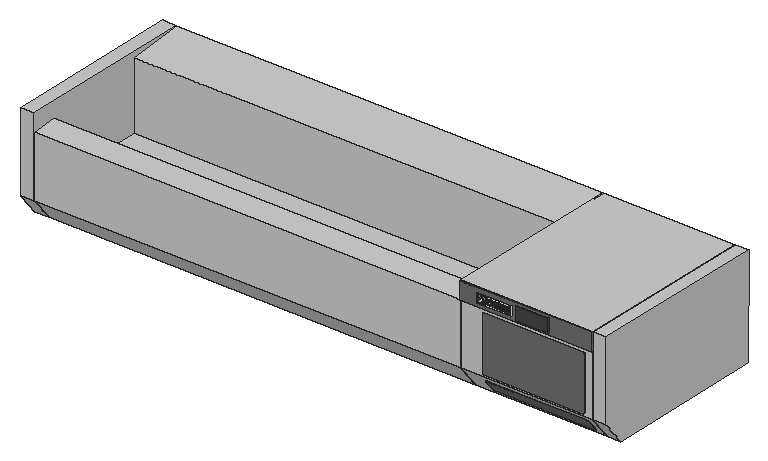
Revit family "Qf_Afinox_VRS1300S", category Specialty Equipment, Revit 2014
Parameters
  Show Logo [instance] = yes
  Show Clearance [instance] = yes
Reference planes
  plane 1 "Back": y = 0
  plane 2: z = 0
  plane 3 "Left": x = 0
  plane 4 "Right": x = 1300
  plane 5 "Front": y = -395
  plane 6 "Top": z = 225
Forms (mm)
  Extrusion 1, solid
    sketch origin (200, 0, 0) x (0, 1, 0) y (0, 0, 1)
      loop
        line (0, 225) -> (-118.091, 213.424) -> (-118.091, 63.424) -> (-342.706, 63.424) -> (-342.706, 191.405) -> (-395, 186.278) -> (-395, 50) -> (-354.511, 0) -> (0, 0) -> (0, 225)
    from -170 to 778
  Extrusion 2, solid
    sketch origin (0, 0, 0) x (0, 1, 0) y (0, 0, 1)
      loop
        line (0, 225) -> (-395, 225) -> (-395, 50) -> (-354.511, 0) -> (0, 0) -> (0, 225)
    from 0 to 30
  Extrusion 3, solid
    sketch origin (1270, 0, 0) x (0, 1, 0) y (0, 0, 1)
      loop
        line (0, 225) -> (-395, 225) -> (-395, 50) -> (-354.511, 0) -> (0, 0) -> (0, 225)
    from 0 to 30
  Extrusion 4, solid
    sketch origin (1240, 0, 0) x (0, 1, 0) y (0, 0, 1)
      loop
        line (0, 225) -> (-395, 225) -> (-395, 50) -> (-354.511, 0) -> (0, 0) -> (0, 225)
    from -262 to 30
  Extrusion 5, solid
    sketch origin (200, -394, -0.038) x (1, 0, 0) y (0, 0, 1)
      loop
        arc (829.65, 178.011) -> (827.352, 177.059) -> (826.4, 174.761) r 3.25
        line (826.4, 174.761) -> (826.4, 59.261)
        arc (826.4, 59.261) -> (827.352, 56.963) -> (829.65, 56.011) r 3.25
        line (829.65, 56.011) -> (1050.15, 56.011)
        arc (1050.15, 56.011) -> (1052.448, 56.963) -> (1053.4, 59.261) r 3.25
        line (1053.4, 59.261) -> (1053.4, 174.761)
        arc (1053.4, 174.761) -> (1052.448, 177.059) -> (1050.15, 178.011) r 3.25
        line (1050.15, 178.011) -> (829.65, 178.011)
    from 0 to 2
  Extrusion 6, solid
    sketch origin (200, -273.564, -98.372) x (1, 0, 0) y (0, -0.62932, 0.777146)
      loop
        arc (829.65, 178.011) -> (827.352, 177.059) -> (826.4, 174.761) r 3.25
        line (826.4, 174.761) -> (826.4, 141.843)
        arc (826.4, 141.843) -> (827.352, 139.544) -> (829.65, 138.593) r 3.25
        line (829.65, 138.593) -> (1050.15, 138.593)
        arc (1050.15, 138.593) -> (1052.448, 139.544) -> (1053.4, 141.843) r 3.25
        line (1053.4, 141.843) -> (1053.4, 174.761)
        arc (1053.4, 174.761) -> (1052.448, 177.059) -> (1050.15, 178.011) r 3.25
        line (1050.15, 178.011) -> (829.65, 178.011)
    from 0 to 2
  Extrusion 7, solid
    sketch origin (192.335, -397, -1.215) x (1, 0, 0) y (0, 0, 1)
      loop
        line (912.065, 221.354) -> (912.065, 192.354) -> (983.065, 192.354) -> (983.065, 221.354) -> (912.065, 221.354)
    from 0 to 3
  Extrusion 8, solid, visible <- "Show Logo"
    sketch origin (837.556, -397, -384.108) x (1, 0, 0) y (0, 0, 1)
      loop
        line (179.287, 599.596) -> (179.287, 579.899) -> (254.287, 579.899) -> (254.287, 599.596) -> (179.287, 599.596)
      loop
        line (199.226, 597.323) -> (199.226, 582.172) -> (253.014, 582.172) -> (253.014, 597.323) -> (199.226, 597.323)
      loop
        line (180.287, 597.323) -> (180.287, 582.172) -> (198.848, 582.172) -> (198.848, 597.323) -> (180.287, 597.323)
    from 0 to 2
  Extrusion 9, solid, visible <- "Show Logo"
    sketch origin (44.53, -397, -622.718) x (1, 0, 0) y (0, 0, 1)
      loop
        arc (994.034, 825.04) -> (994.842, 823.416) -> (996.479, 824.198) r 1.293
        line (996.479, 824.198) -> (996.958, 825.22) -> (1000.192, 825.22) -> (1000.6, 824.198)
        arc (1000.6, 824.198) -> (1002.252, 823.366) -> (1003.039, 825.04) r 1.291
        line (1003.039, 825.04) -> (999.801, 832.415)
        arc (999.801, 832.415) -> (998.57, 833.402) -> (997.337, 832.418) r 1.263
        line (997.337, 832.418) -> (994.034, 825.04)
      loop
        line (999.576, 827.427) -> (998.603, 829.738) -> (997.631, 827.445) -> (999.576, 827.427)
      loop
        line (1004.344, 832.421) -> (1004.344, 824.556)
        arc (1004.344, 824.556) -> (1005.631, 823.448) -> (1006.918, 824.556) r 1.302
        line (1006.918, 824.556) -> (1006.918, 827.178) -> (1010.126, 827.178)
        arc (1010.126, 827.178) -> (1011.3, 828.493) -> (1010.126, 829.808) r 1.323
        line (1010.126, 829.808) -> (1006.918, 829.808) -> (1006.918, 830.954) -> (1010.126, 830.954)
        arc (1010.126, 830.954) -> (1011.264, 832.233) -> (1010.126, 833.511) r 1.287
        line (1010.126, 833.511) -> (1005.326, 833.511)
        arc (1005.326, 833.511) -> (1004.652, 833.13) -> (1004.344, 832.421) r 1.22
      loop
        line (1012.593, 832.457) -> (1012.593, 824.488)
        arc (1012.593, 824.488) -> (1013.928, 823.343) -> (1015.262, 824.488) r 1.35
        line (1015.262, 824.488) -> (1015.262, 832.457)
        arc (1015.262, 832.457) -> (1013.928, 833.516) -> (1012.593, 832.457) r 1.37
      loop
        arc (1019.372, 832.457) -> (1018.038, 833.516) -> (1016.703, 832.457) r 1.37
        line (1016.703, 832.457) -> (1016.703, 824.488)
        arc (1016.703, 824.488) -> (1018.038, 823.343) -> (1019.372, 824.488) r 1.35
        line (1019.372, 824.488) -> (1019.372, 828.473) -> (1022.448, 824.488)
        arc (1022.448, 824.488) -> (1023.783, 823.343) -> (1025.118, 824.488) r 1.35
        line (1025.118, 824.488) -> (1025.118, 832.457)
        arc (1025.118, 832.457) -> (1023.783, 833.516) -> (1022.448, 832.457) r 1.37
        line (1022.448, 832.457) -> (1022.448, 828.473) -> (1019.372, 832.457)
      loop
        circle (1031.159, 828.429) r 5.095
      loop
        circle (1031.159, 828.429) r 2.733
      loop
        line (1036.425, 831.5) -> (1038.763, 828.375) -> (1036.365, 825.267)
        arc (1036.365, 825.267) -> (1036.712, 823.621) -> (1038.393, 823.703) r 1.296
        line (1038.393, 823.703) -> (1040.42, 826.313) -> (1042.28, 823.703)
        arc (1042.28, 823.703) -> (1043.993, 823.58) -> (1044.434, 825.238) r 1.346
        line (1044.434, 825.238) -> (1042.048, 828.408) -> (1044.37, 831.408)
        arc (1044.37, 831.408) -> (1044.07, 833.196) -> (1042.269, 832.987) r 1.316
        line (1042.269, 832.987) -> (1040.366, 830.453) -> (1038.502, 833.054)
        arc (1038.502, 833.054) -> (1036.78, 833.19) -> (1036.425, 831.5) r 1.308
      loop
        line (1046.04, 835.933) -> (992.253, 835.933) -> (992.253, 820.782) -> (1046.04, 820.782) -> (1046.04, 835.933)
    from 0 to 2
  Extrusion 10, solid, visible <- "Show Logo"
    sketch origin (37.402, -397, -442.664) x (1, 0, 0) y (0, 0, 1)
      loop
        line (980.441, 655.879) -> (980.441, 640.728) -> (999.001, 640.728) -> (999.001, 655.879) -> (980.441, 655.879)
      loop
        arc (982.146, 642.435) -> (982.404, 641.667) -> (983.211, 641.586) r 0.747
        line (983.211, 641.586) -> (989.781, 644.576) -> (996.334, 641.6)
        arc (996.334, 641.6) -> (997.088, 641.702) -> (997.296, 642.435) r 0.695
        line (997.296, 642.435) -> (990.231, 654.688)
        arc (990.231, 654.688) -> (989.721, 654.992) -> (989.211, 654.688) r 0.58
        line (989.211, 654.688) -> (982.146, 642.435)
    from 0 to 2
  Extrusion 11, solid, visible <- "Show Logo"
    sketch origin (3.114, -397, -392.26) x (1, 0, 0) y (0, 0, 1)
      loop
        arc (1016.435, 592.031) -> (1016.693, 591.262) -> (1017.5, 591.182) r 0.747
        line (1017.5, 591.182) -> (1024.07, 594.172) -> (1030.623, 591.195)
        arc (1030.623, 591.195) -> (1031.377, 591.298) -> (1031.584, 592.031) r 0.695
        line (1031.584, 592.031) -> (1024.52, 604.283)
        arc (1024.52, 604.283) -> (1024.01, 604.588) -> (1023.5, 604.283) r 0.58
        line (1023.5, 604.283) -> (1016.435, 592.031)
      loop
        arc (1035.45, 594.582) -> (1036.258, 592.958) -> (1037.895, 593.739) r 1.293
        line (1037.895, 593.739) -> (1038.374, 594.762) -> (1041.608, 594.762) -> (1042.016, 593.739)
        arc (1042.016, 593.739) -> (1043.668, 592.908) -> (1044.455, 594.582) r 1.291
        line (1044.455, 594.582) -> (1041.218, 601.957)
        arc (1041.218, 601.957) -> (1039.986, 602.943) -> (1038.753, 601.959) r 1.263
        line (1038.753, 601.959) -> (1035.45, 594.582)
      loop
        line (1040.992, 596.969) -> (1040.02, 599.279) -> (1039.047, 596.987) -> (1040.992, 596.969)
      loop
        arc (1045.76, 594.097) -> (1047.047, 592.99) -> (1048.334, 594.097) r 1.302
        line (1048.334, 594.097) -> (1048.334, 596.72) -> (1051.542, 596.72)
        arc (1051.542, 596.72) -> (1052.716, 598.035) -> (1051.542, 599.35) r 1.323
        line (1051.542, 599.35) -> (1048.334, 599.35) -> (1048.334, 600.496) -> (1051.542, 600.496)
        arc (1051.542, 600.496) -> (1052.681, 601.774) -> (1051.542, 603.052) r 1.287
        line (1051.542, 603.052) -> (1046.742, 603.052)
        arc (1046.742, 603.052) -> (1046.069, 602.672) -> (1045.76, 601.962) r 1.22
        line (1045.76, 601.962) -> (1045.76, 594.097)
      loop
        arc (1054.01, 594.029) -> (1055.344, 592.884) -> (1056.679, 594.029) r 1.35
        line (1056.679, 594.029) -> (1056.679, 601.999)
        arc (1056.679, 601.999) -> (1055.344, 603.058) -> (1054.01, 601.999) r 1.37
        line (1054.01, 601.999) -> (1054.01, 594.029)
      loop
        arc (1058.12, 594.029) -> (1059.454, 592.884) -> (1060.789, 594.029) r 1.35
        line (1060.789, 594.029) -> (1060.789, 598.014) -> (1063.865, 594.029)
        arc (1063.865, 594.029) -> (1065.199, 592.884) -> (1066.534, 594.029) r 1.35
        line (1066.534, 594.029) -> (1066.534, 601.999)
        arc (1066.534, 601.999) -> (1065.199, 603.058) -> (1063.865, 601.999) r 1.37
        line (1063.865, 601.999) -> (1063.865, 598.014) -> (1060.789, 601.999)
        arc (1060.789, 601.999) -> (1059.454, 603.058) -> (1058.12, 601.999) r 1.37
        line (1058.12, 601.999) -> (1058.12, 594.029)
      loop
        circle (1072.575, 597.971) r 5.095
      loop
        circle (1072.575, 597.971) r 2.733
      loop
        line (1080.18, 597.917) -> (1077.782, 594.809)
        arc (1077.782, 594.809) -> (1078.129, 593.163) -> (1079.809, 593.245) r 1.296
        line (1079.809, 593.245) -> (1081.836, 595.854) -> (1083.697, 593.245)
        arc (1083.697, 593.245) -> (1085.409, 593.121) -> (1085.851, 594.78) r 1.346
        line (1085.851, 594.78) -> (1083.464, 597.949) -> (1085.787, 600.95)
        arc (1085.787, 600.95) -> (1085.486, 602.737) -> (1083.686, 602.528) r 1.316
        line (1083.686, 602.528) -> (1081.782, 599.994) -> (1079.918, 602.596)
        arc (1079.918, 602.596) -> (1078.197, 602.731) -> (1077.841, 601.041) r 1.308
        line (1077.841, 601.041) -> (1080.18, 597.917)
    from 0 to 2
  Extrusion 12, solid
    sketch origin (65.935, -395, 3.646) x (1, 0, 0) y (0, 0, 1)
      loop
        line (912.065, 221.354) -> (912.065, 182.633) -> (1204.065, 182.633) -> (1204.065, 221.354) -> (912.065, 221.354)
    from 0 to 2
  Extrusion 13, solid
    sketch origin (200, -6.8, 0) x (1, 0, 0) y (0, 0, 1)
      loop
        circle (1050, 20) r 5
    from -17.6 to -6.8
  Extrusion 14, solid
    sketch origin (200, 0, 0) x (1, 0, 0) y (0, 0, 1)
      loop
        line (-170, 13) -> (1070, 13) -> (1070, 186) -> (-170, 186) -> (-170, 13)
      loop
        circle (1050, 20) r 5
    from -10.8 to 0
Lines and regions (mm)
  symbolic lines, style "200-EquipBorder-2D"
    curve 1: line (0, 0, 0) -> (1300, 0, 0)
    curve 2: line (0, -395, 0) -> (0, 0, 0)
    curve 3: line (1300, -395, 0) -> (0, -395, 0)
    curve 4: line (1300, 0, 0) -> (1300, -395, 0)
    curve 10: line (30, 0, 0) -> (30, 10.8, 0)
    curve 11: line (30, 10.8, 0) -> (1270, 10.8, 0)
    curve 12: line (1270, 10.8, 0) -> (1270, 0, 0)
  symbolic lines, style "200-EquipInternal-2D"
    curve 5: line (30, 0, 0) -> (30, -395, 0)
    curve 6: line (978, 0, 0) -> (978, -395, 0)
    curve 7: line (1270, 0, 0) -> (1270, -395, 0)
    curve 8: line (978, -342.706, 0) -> (30, -342.706, 0)
    curve 9: line (30, -118.091, 0) -> (978, -118.091, 0)
Dimensions and locks
  plane 3 "Left" to plane 4 "Right" = 1300 mm
  plane 5 "Front" to plane 1 "Back" = 395 mm
  plane 6 "Top" to level = 225 mm
  aligned and locked: level to plane 2
  aligned and locked: Extrusion 1 to Extrusion 2
  aligned and locked: Extrusion 14 to Extrusion 1
Connectors
  electrical at (1250, 10.8, 20)
    settings: on Extrusion 13, index 1, voltage 0 V, apparent load 0 VA, apparent load phase1 0 VA, apparent load phase2 0 VA, apparent load phase3 0 VA, power factor 1, load classification "Other", number of poles 1, system type 31, power factor state 1, is connector primary yes, connector utility no, sub classification motor no, connector description "Electrical connection"
